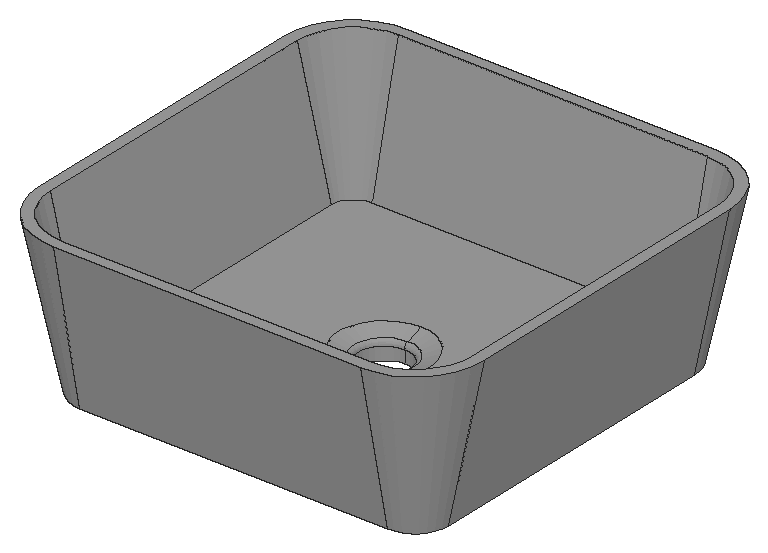
Revit family "L.YORK", category Plumbing Fixtures, Revit 2019
Family settings
  Round Connector Dimension = Use Diameter
  Part Type = Normal
  OmniClass Number = 23.45.00.00
  OmniClass Title = Sanitary, Laundry, and Cleaning Equipment
  Work Plane-Based = No
  Always vertical = Yes
  Cut with Voids When Loaded = No
  Shared = No
  Room Calculation Point = No
Reference planes
  plane 1 "Center (Front/Back)": y = 0
  plane 2: z = 0
  plane 3 "Center (Left/Right)": x = 0
Forms (mm)
  Blend 1, solid
    base sketch origin (0, 0, 0) x (1, 0, 0) y (0, 1, 0)
      loop
        line (330, 360) -> (60, 360)
        arc (60, 360) -> (38.787, 351.213) -> (30, 330) r 30
        line (30, 330) -> (30, 60)
        arc (30, 60) -> (38.787, 38.787) -> (60, 30) r 30
        line (60, 30) -> (330, 30)
        arc (330, 30) -> (351.213, 38.787) -> (360, 60) r 30
        line (360, 60) -> (360, 330)
        arc (360, 330) -> (351.213, 351.213) -> (330, 360) r 30
    top sketch origin (0, 0, 0) x (1, 0, 0) y (0, 1, 0)
      loop
        arc (60, 390) -> (17.574, 372.426) -> (0, 330) r 60
        line (0, 330) -> (0, 60)
        arc (0, 60) -> (17.574, 17.574) -> (60, 0) r 60
        line (60, 0) -> (330, 0)
        arc (330, 0) -> (372.426, 17.574) -> (390, 60) r 60
        line (390, 60) -> (390, 330)
        arc (390, 330) -> (372.426, 372.426) -> (330, 390) r 60
        line (330, 390) -> (60, 390)
    from 0 to 140
  Blend 2, void
    base sketch origin (0, 0, 0) x (1, 0, 0) y (0, 1, 0)
      loop
        arc (60, 350) -> (45.858, 344.142) -> (40, 330) r 20
        line (40, 330) -> (40, 60)
        arc (40, 60) -> (45.858, 45.858) -> (60, 40) r 20
        line (60, 40) -> (330, 40)
        arc (330, 40) -> (344.142, 45.858) -> (350, 60) r 20
        line (350, 60) -> (350, 330)
        arc (350, 330) -> (344.142, 344.142) -> (330, 350) r 20
        line (330, 350) -> (60, 350)
    top sketch origin (0, 0, 0) x (1, 0, 0) y (0, 1, 0)
      loop
        arc (60, 380) -> (24.645, 365.355) -> (10, 330) r 50
        line (10, 330) -> (10, 60)
        arc (10, 60) -> (24.645, 24.645) -> (60, 10) r 50
        line (60, 10) -> (330, 10)
        arc (330, 10) -> (365.355, 24.645) -> (380, 60) r 50
        line (380, 60) -> (380, 330)
        arc (380, 330) -> (365.355, 365.355) -> (330, 380) r 50
        line (330, 380) -> (60, 380)
    from 21.351 to 140
  Revolve 3, void
    sketch origin (195, 0, 0) x (0, 1, 0) y (0, 0, 1)
      loop
        line (195, 21.351) -> (155.05, 21.351) -> (169.21, 16.197)
        arc (169.21, 16.197) -> (171.596, 14.367) -> (172.5, 11.499) r 5
        line (172.5, 11.499) -> (172.5, 0) -> (195, 0) -> (195, 21.351)
      axis (195, 0) -> (195, 21.351)
    angle from 0 to 360
Cuts and joins
  Blend 2, Revolve 3 cuts Blend 1
Dimensions and locks
  aligned and locked: level to plane 2
